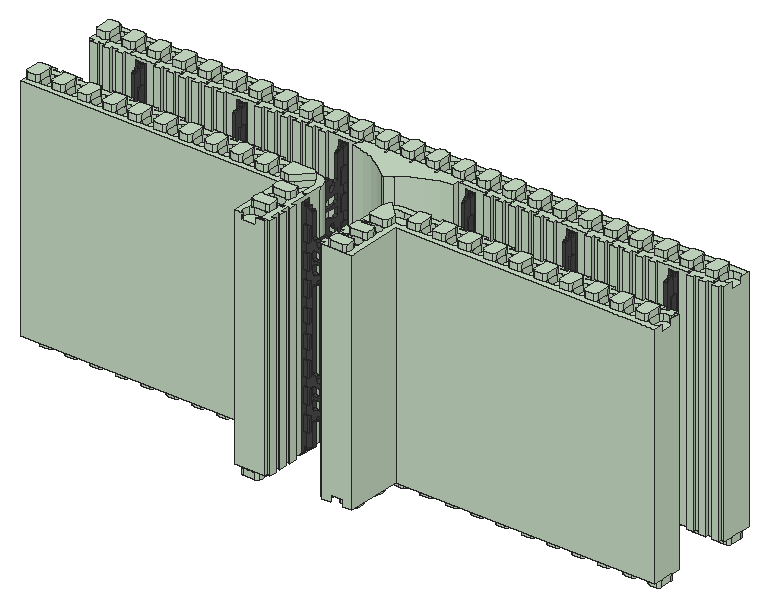
Revit family "ICF- NUDURA 4-inch- Short T Form Unit- Imperial", category Generic Models, Revit 2011 (continued)
Nested families (in)
  nested 102: "Interlock Tooth" at (-13, -2.00002, -18.5) x (-1, 0, 0) z (0, 0, 1), type "Interlock Tooth"
  nested 103: "Interlock Tooth" at (-11, -2.00002, -18.5) x (-1, 0, 0) z (0, 0, 1), type "Interlock Tooth"
  nested 104: "NUDURA Diamond Pattern" at (-25, 9.25254, 0), type "NUDURA Diamond Pattern"
  nested 105: "NUDURA Diamond Pattern" at (-17, 9.25254, 0), type "NUDURA Diamond Pattern"
  nested 106: "NUDURA Diamond Pattern" at (17, -1.99746, 0) x (-1, 0, 0) z (0, 0, 1), type "NUDURA Diamond Pattern"
  nested 107: "NUDURA Diamond Pattern" at (25, -1.99746, 0) x (-1, 0, 0) z (0, 0, 1), type "NUDURA Diamond Pattern"
  nested 108: "NUDURA Logo Diamond" at (9.00256, -5.62244, 0), type "NUDURA Logo Diamond"
  nested 109: "NUDURA Logo Diamond" at (-32.99744, -5.62244, 0), type "NUDURA Logo Diamond"
  nested 110: "NUDURA Diamond Pattern" at (-17, 0.00256, 0), type "NUDURA Diamond Pattern"
  nested 111: "NUDURA Diamond Pattern" at (9, 0.00256, 0), type "NUDURA Diamond Pattern"
  nested 112: "NUDURA Diamond Pattern Missing Left Line" at (1, 0.00256, 0), type "NUDURA Diamond Pattern missing left line"
  nested 113: "4-inch Insert Web" at (-21, -1, 0), type "4-inch Insert Web"
  nested 114: "4-inch Insert Web" at (-13, -1, 0), type "4-inch Insert Web"
  nested 115: "4-inch Insert Web" at (-5, -1, 0), type "4-inch Insert Web"
  nested 116: "4-inch Insert Web" at (5, -1, 0), type "4-inch Insert Web"
  nested 117: "4-inch Insert Web" at (13, -1, 0), type "4-inch Insert Web"
  nested 118: "4-inch Insert Web" at (21, -1, 0), type "4-inch Insert Web"
  nested 119: "4-inch Insert Web" at (0, -5.99998, 0) x (0, 1, 0) z (0, 0, 1), type "4-inch Insert Web"
Definition of nested family "Interlock Tooth"
  Reference planes (in)
    plane 1 "Center (Front/Back)": y = 0
    plane 2: z = 0
    plane 3 "Center (Left/Right)": x = 0
    plane 4: z = 18
    plane 5: z = 18.5
    plane 6: z = -0.5
  Forms (in)
    Extrusion 1, solid, material "NUDURA Expanded Polystyrene Foam Insulation"
      sketch origin (0, -8.875, 0) x (1, 0, 0) y (0, 1, 0)
        loop
          arc (0, 3.97692) -> (0.04785, 3.82983) -> (0.17308, 3.73905) r 0.25
          arc (0.17308, 3.73905) -> (0.5, 3.6875) -> (0.82692, 3.73905) r 1.0625
          arc (0.82692, 3.73905) -> (0.95215, 3.82983) -> (1, 3.97692) r 0.25
          line (1, 3.97692) -> (1, 4.89808)
          arc (1, 4.89808) -> (0.95215, 5.04517) -> (0.82692, 5.13595) r 0.25
          arc (0.82692, 5.13595) -> (0.5, 5.1875) -> (0.17308, 5.13595) r 1.0625
          arc (0.17308, 5.13595) -> (0.04785, 5.04517) -> (0, 4.89808) r 0.25
          line (0, 4.89808) -> (0, 3.97692)
      from 18 to 18.5
  Dimensions and locks (in)
    locked: plane 4 to level at 18
    locked: plane 4 to plane 5 at 0.5
    locked: plane 6 to level at 0.5
Definition of nested family "4-inch Insert Web"
  Reference planes (in)
    plane 1 "Center (Front/Back)": y = 0
    plane 2: z = 0
    plane 3 "Center (Left/Right)": x = 0
  Forms (in)
    Extrusion 1, solid, material "High Density Polystyrene"
      sketch origin (0, 0, 0) x (0, 1, 0) y (0, 0, 1)
        loop
          line (2.25, 0) -> (2.25, 17.74583)
          arc (2.25, 17.74583) -> (2.22112, 17.72608) -> (2.21, 17.69292) r 0.055
          line (2.21, 17.69292) -> (2.21, 0.05292)
          arc (2.21, 0.05292) -> (2.22112, 0.01975) -> (2.25, 0) r 0.055
        loop
          arc (-2.25, 0) -> (-2.22112, 0.01975) -> (-2.21, 0.05292) r 0.055
          line (-2.21, 0.05292) -> (-2.21, 17.69292)
          arc (-2.21, 17.69292) -> (-2.22112, 17.72608) -> (-2.25, 17.74583) r 0.055
          line (-2.25, 17.74583) -> (-2.25, 0)
      from 0.36328 to -0.36328
    Extrusion 2, solid, material "High Density Polystyrene"
      sketch origin (0, 0, 0) x (0, 1, 0) y (0, 0, 1)
        loop
          arc (2.18889, 17.40785) -> (2.20374, 17.40241) -> (2.21, 17.38789) r 0.02
          line (2.21, 17.38789) -> (2.21, 17.63668)
          arc (2.21, 17.63668) -> (2.20585, 17.62147) -> (2.19457, 17.61045) r 0.03
          line (2.19457, 17.61045) -> (2.12543, 17.57204)
          arc (2.12543, 17.57204) -> (2.11414, 17.56103) -> (2.11, 17.54582) r 0.03
          line (2.11, 17.54582) -> (2.11, 17.42461)
          arc (2.11, 17.42461) -> (2.11625, 17.41008) -> (2.13111, 17.40464) r 0.02
          line (2.13111, 17.40464) -> (2.18889, 17.40785)
        loop
          line (2, 17.20772) -> (1.925, 17.43772)
          arc (1.925, 17.43772) -> (1.875, 17.46772) -> (1.825, 17.43772) r 0.05667
          line (1.825, 17.43772) -> (1.77609, 17.28772) -> (1.64893, 17.28772)
          arc (1.64893, 17.28772) -> (1.61433, 17.27339) -> (1.6, 17.2388) r 0.04893
          line (1.6, 17.2388) -> (1.6, 17.20772) -> (1.5, 17.20772) -> (1.5, 15.41964)
          arc (1.5, 15.41964) -> (1.44097, 15.27714) -> (1.29847, 15.21812) r 0.20153
          arc (1.29847, 15.21812) -> (1.20889, 15.19959) -> (1.18179, 15.11222) r 0.09
          arc (1.18179, 15.11222) -> (0.74446, 14.77125) -> (0.77171, 15.32512) r 0.305
          arc (0.77171, 15.32512) -> (0.89426, 15.6111) -> (0.60829, 15.73365) r 0.22
          arc (0.60829, 15.73365) -> (0.36995, 15.58023) -> (0.20617, 15.3489) r 0.745
          arc (0.20617, 15.3489) -> (0.12274, 15.25133) -> (0, 15.21369) r 0.23
          arc (0, 15.21369) -> (-0.12274, 15.25133) -> (-0.20617, 15.3489) r 0.23
          arc (-0.20617, 15.3489) -> (-0.36995, 15.58023) -> (-0.60829, 15.73365) r 0.745
          arc (-0.60829, 15.73365) -> (-0.89426, 15.6111) -> (-0.77171, 15.32512) r 0.22
          arc (-0.77171, 15.32512) -> (-0.74446, 14.77125) -> (-1.18179, 15.11222) r 0.305
          arc (-1.18179, 15.11222) -> (-1.20889, 15.19959) -> (-1.29847, 15.21812) r 0.09
          arc (-1.29847, 15.21812) -> (-1.44097, 15.27714) -> (-1.5, 15.41964) r 0.20153
          line (-1.5, 15.41964) -> (-1.5, 17.20772) -> (-1.6, 17.20772) -> (-1.6, 17.2388)
          arc (-1.6, 17.2388) -> (-1.61433, 17.27339) -> (-1.64893, 17.28772) r 0.04893
          line (-1.64893, 17.28772) -> (-1.77609, 17.28772) -> (-1.825, 17.43772)
          arc (-1.825, 17.43772) -> (-1.875, 17.46772) -> (-1.925, 17.43772) r 0.05667
          line (-1.925, 17.43772) -> (-2, 17.20772) -> (-2, 0.53811) -> (-1.925, 0.30811)
          arc (-1.925, 0.30811) -> (-1.875, 0.27811) -> (-1.825, 0.30811) r 0.05667
          line (-1.825, 0.30811) -> (-1.77609, 0.45811) -> (-1.64893, 0.45811)
          arc (-1.64893, 0.45811) -> (-1.61433, 0.47244) -> (-1.6, 0.50703) r 0.04893
          line (-1.6, 0.50703) -> (-1.6, 0.53811) -> (-1.5, 0.53811) -> (-1.5, 2.32619)
          arc (-1.5, 2.32619) -> (-1.44097, 2.46869) -> (-1.29847, 2.52772) r 0.20153
          arc (-1.29847, 2.52772) -> (-1.20889, 2.54624) -> (-1.18179, 2.63362) r 0.09
          arc (-1.18179, 2.63362) -> (-0.74446, 2.97458) -> (-0.77171, 2.42071) r 0.305
          arc (-0.77171, 2.42071) -> (-0.89426, 2.13473) -> (-0.60829, 2.01218) r 0.22
          arc (-0.60829, 2.01218) -> (-0.36995, 2.1656) -> (-0.20617, 2.39693) r 0.745
          arc (-0.20617, 2.39693) -> (-0.12274, 2.4945) -> (0, 2.53215) r 0.23
          arc (0, 2.53215) -> (0.12274, 2.4945) -> (0.20617, 2.39693) r 0.23
          arc (0.20617, 2.39693) -> (0.36995, 2.1656) -> (0.60829, 2.01218) r 0.745
          arc (0.60829, 2.01218) -> (0.89426, 2.13473) -> (0.77171, 2.42071) r 0.22
          arc (0.77171, 2.42071) -> (0.74446, 2.97458) -> (1.18179, 2.63362) r 0.305
          arc (1.18179, 2.63362) -> (1.20889, 2.54624) -> (1.29847, 2.52772) r 0.09
          arc (1.29847, 2.52772) -> (1.44097, 2.46869) -> (1.5, 2.32619) r 0.20153
          line (1.5, 2.32619) -> (1.5, 0.53811) -> (1.6, 0.53811) -> (1.6, 0.50703)
          arc (1.6, 0.50703) -> (1.61433, 0.47244) -> (1.64893, 0.45811) r 0.04893
          line (1.64893, 0.45811) -> (1.77609, 0.45811) -> (1.825, 0.30811)
          arc (1.825, 0.30811) -> (1.875, 0.27811) -> (1.925, 0.30811) r 0.05667
          line (1.925, 0.30811) -> (2, 0.53811) -> (2, 17.20772)
        loop
          line (1.5, 5.8331) -> (1.5, 11.91273)
          arc (1.5, 11.91273) -> (1.44097, 12.05523) -> (1.29847, 12.11426) r 0.20153
          arc (1.29847, 12.11426) -> (1.20889, 12.13278) -> (1.18179, 12.22016) r 0.09
          arc (1.18179, 12.22016) -> (0.74446, 12.56112) -> (0.77171, 12.00725) r 0.305
          arc (0.77171, 12.00725) -> (0.89426, 11.72127) -> (0.60829, 11.59873) r 0.22
          arc (0.60829, 11.59873) -> (0.36995, 11.75214) -> (0.20617, 11.98348) r 0.745
          arc (0.20617, 11.98348) -> (0.12274, 12.08104) -> (0, 12.11869) r 0.23
          arc (0, 12.11869) -> (-0.12274, 12.08104) -> (-0.20617, 11.98348) r 0.23
          arc (-0.20617, 11.98348) -> (-0.36995, 11.75214) -> (-0.60829, 11.59873) r 0.745
          arc (-0.60829, 11.59873) -> (-0.89426, 11.72127) -> (-0.77171, 12.00725) r 0.22
          arc (-0.77171, 12.00725) -> (-0.74446, 12.56112) -> (-1.18179, 12.22016) r 0.305
          arc (-1.18179, 12.22016) -> (-1.20889, 12.13278) -> (-1.29847, 12.11426) r 0.09
          arc (-1.29847, 12.11426) -> (-1.44097, 12.05523) -> (-1.5, 11.91273) r 0.20153
          line (-1.5, 11.91273) -> (-1.5, 5.8331)
          arc (-1.5, 5.8331) -> (-1.44097, 5.6906) -> (-1.29847, 5.63158) r 0.20153
          arc (-1.29847, 5.63158) -> (-1.20889, 5.61305) -> (-1.18179, 5.52567) r 0.09
          arc (-1.18179, 5.52567) -> (-0.74446, 5.18471) -> (-0.77171, 5.73858) r 0.305
          arc (-0.77171, 5.73858) -> (-0.89426, 6.02456) -> (-0.60829, 6.14711) r 0.22
          arc (-0.60829, 6.14711) -> (-0.36995, 5.99369) -> (-0.20617, 5.76236) r 0.745
          arc (-0.20617, 5.76236) -> (-0.12274, 5.66479) -> (0, 5.62715) r 0.23
          arc (0, 5.62715) -> (0.12274, 5.66479) -> (0.20617, 5.76236) r 0.23
          arc (0.20617, 5.76236) -> (0.36995, 5.99369) -> (0.60829, 6.14711) r 0.745
          arc (0.60829, 6.14711) -> (0.89426, 6.02456) -> (0.77171, 5.73858) r 0.22
          arc (0.77171, 5.73858) -> (0.74446, 5.18471) -> (1.18179, 5.52567) r 0.305
          arc (1.18179, 5.52567) -> (1.20889, 5.61305) -> (1.29847, 5.63158) r 0.09
          arc (1.29847, 5.63158) -> (1.44097, 5.6906) -> (1.5, 5.8331) r 0.20153
        loop
          line (1.5, 13.92792) -> (1.5, 14.39506)
          arc (1.5, 14.39506) -> (1.44165, 14.51428) -> (1.31171, 14.54135) r 0.15098
          arc (1.31171, 14.54135) -> (0.8435, 14.42302) -> (0.37542, 14.30691) r 109.15003
          arc (0.37542, 14.30691) -> (0.21407, 14.19098) -> (0.15234, 14.00212) r 0.31975
          arc (0.15234, 14.00212) -> (0.22557, 13.82535) -> (0.40234, 13.75212) r 0.25
          line (0.40234, 13.75212) -> (1.32421, 13.75212)
          arc (1.32421, 13.75212) -> (1.44851, 13.80361) -> (1.5, 13.92792) r 0.17579
        loop
          arc (1.5, 13.40446) -> (1.44851, 13.52876) -> (1.32421, 13.58025) r 0.17579
          line (1.32421, 13.58025) -> (0.40234, 13.58025)
          arc (0.40234, 13.58025) -> (0.22557, 13.50703) -> (0.15234, 13.33025) r 0.25
          arc (0.15234, 13.33025) -> (0.21407, 13.1414) -> (0.37542, 13.02546) r 0.31975
          arc (0.37542, 13.02546) -> (0.8435, 12.90936) -> (1.31171, 12.79102) r 109.15003
          arc (1.31171, 12.79102) -> (1.44165, 12.81809) -> (1.5, 12.93731) r 0.15098
          line (1.5, 12.93731) -> (1.5, 13.40446)
        loop
          line (2.18889, 0.33798) -> (2.13111, 0.34119)
          arc (2.13111, 0.34119) -> (2.11625, 0.33575) -> (2.11, 0.32122) r 0.02
          line (2.11, 0.32122) -> (2.11, 0.20001)
          arc (2.11, 0.20001) -> (2.11414, 0.1848) -> (2.12543, 0.17379) r 0.03
          line (2.12543, 0.17379) -> (2.19457, 0.13538)
          arc (2.19457, 0.13538) -> (2.20585, 0.12437) -> (2.21, 0.10915) r 0.03
          line (2.21, 0.10915) -> (2.21, 0.35795)
          arc (2.21, 0.35795) -> (2.20374, 0.34342) -> (2.18889, 0.33798) r 0.02
        loop
          arc (1.5, 3.81792) -> (1.44851, 3.94222) -> (1.32421, 3.99371) r 0.17579
          line (1.32421, 3.99371) -> (0.40234, 3.99371)
          arc (0.40234, 3.99371) -> (0.22557, 3.92048) -> (0.15234, 3.74371) r 0.25
          arc (0.15234, 3.74371) -> (0.21407, 3.55486) -> (0.37542, 3.43892) r 0.31975
          arc (0.37542, 3.43892) -> (0.8435, 3.32282) -> (1.31171, 3.20448) r 109.15003
          arc (1.31171, 3.20448) -> (1.44165, 3.23155) -> (1.5, 3.35077) r 0.15098
          line (1.5, 3.35077) -> (1.5, 3.81792)
        loop
          line (1.5, 4.34137) -> (1.5, 4.80852)
          arc (1.5, 4.80852) -> (1.44165, 4.92774) -> (1.31171, 4.95481) r 0.15098
          arc (1.31171, 4.95481) -> (0.8435, 4.83647) -> (0.37542, 4.72037) r 109.15003
          arc (0.37542, 4.72037) -> (0.21407, 4.60444) -> (0.15234, 4.41558) r 0.31975
          arc (0.15234, 4.41558) -> (0.22557, 4.23881) -> (0.40234, 4.16558) r 0.25
          line (0.40234, 4.16558) -> (1.32421, 4.16558)
          arc (1.32421, 4.16558) -> (1.44851, 4.21707) -> (1.5, 4.34137) r 0.17579
        loop
          line (-2.18889, 17.40785) -> (-2.13111, 17.40464)
          arc (-2.13111, 17.40464) -> (-2.11625, 17.41008) -> (-2.11, 17.42461) r 0.02
          line (-2.11, 17.42461) -> (-2.11, 17.54582)
          arc (-2.11, 17.54582) -> (-2.11414, 17.56103) -> (-2.12543, 17.57204) r 0.03
          line (-2.12543, 17.57204) -> (-2.19457, 17.61045)
          arc (-2.19457, 17.61045) -> (-2.20585, 17.62147) -> (-2.21, 17.63668) r 0.03
          line (-2.21, 17.63668) -> (-2.21, 17.38789)
          arc (-2.21, 17.38789) -> (-2.20374, 17.40241) -> (-2.18889, 17.40785) r 0.02
        loop
          arc (-1.5, 13.92792) -> (-1.44851, 13.80361) -> (-1.32421, 13.75212) r 0.17579
          line (-1.32421, 13.75212) -> (-0.40234, 13.75212)
          arc (-0.40234, 13.75212) -> (-0.22557, 13.82535) -> (-0.15234, 14.00212) r 0.25
          arc (-0.15234, 14.00212) -> (-0.21407, 14.19098) -> (-0.37542, 14.30691) r 0.31975
          arc (-0.37542, 14.30691) -> (-0.8435, 14.42302) -> (-1.31171, 14.54135) r 109.15003
          arc (-1.31171, 14.54135) -> (-1.44165, 14.51428) -> (-1.5, 14.39506) r 0.15098
          line (-1.5, 14.39506) -> (-1.5, 13.92792)
        loop
          line (-1.5, 13.40446) -> (-1.5, 12.93731)
          arc (-1.5, 12.93731) -> (-1.44165, 12.81809) -> (-1.31171, 12.79102) r 0.15098
          arc (-1.31171, 12.79102) -> (-0.8435, 12.90936) -> (-0.37542, 13.02546) r 109.15003
          arc (-0.37542, 13.02546) -> (-0.21407, 13.1414) -> (-0.15234, 13.33025) r 0.31975
          arc (-0.15234, 13.33025) -> (-0.22557, 13.50703) -> (-0.40234, 13.58025) r 0.25
          line (-0.40234, 13.58025) -> (-1.32421, 13.58025)
          arc (-1.32421, 13.58025) -> (-1.44851, 13.52876) -> (-1.5, 13.40446) r 0.17579
        loop
          arc (-2.18889, 0.33798) -> (-2.20374, 0.34342) -> (-2.21, 0.35795) r 0.02
          line (-2.21, 0.35795) -> (-2.21, 0.10915)
          arc (-2.21, 0.10915) -> (-2.20585, 0.12437) -> (-2.19457, 0.13538) r 0.03
          line (-2.19457, 0.13538) -> (-2.12543, 0.17379)
          arc (-2.12543, 0.17379) -> (-2.11414, 0.1848) -> (-2.11, 0.20001) r 0.03
          line (-2.11, 0.20001) -> (-2.11, 0.32122)
          arc (-2.11, 0.32122) -> (-2.11625, 0.33575) -> (-2.13111, 0.34119) r 0.02
          line (-2.13111, 0.34119) -> (-2.18889, 0.33798)
        loop
          line (-1.5, 3.81792) -> (-1.5, 3.35077)
          arc (-1.5, 3.35077) -> (-1.44165, 3.23155) -> (-1.31171, 3.20448) r 0.15098
          arc (-1.31171, 3.20448) -> (-0.8435, 3.32282) -> (-0.37542, 3.43892) r 109.15003
          arc (-0.37542, 3.43892) -> (-0.21407, 3.55486) -> (-0.15234, 3.74371) r 0.31975
          arc (-0.15234, 3.74371) -> (-0.22557, 3.92048) -> (-0.40234, 3.99371) r 0.25
          line (-0.40234, 3.99371) -> (-1.32421, 3.99371)
          arc (-1.32421, 3.99371) -> (-1.44851, 3.94222) -> (-1.5, 3.81792) r 0.17579
        loop
          arc (-1.5, 4.34137) -> (-1.44851, 4.21707) -> (-1.32421, 4.16558) r 0.17579
          line (-1.32421, 4.16558) -> (-0.40234, 4.16558)
          arc (-0.40234, 4.16558) -> (-0.22557, 4.23881) -> (-0.15234, 4.41558) r 0.25
          arc (-0.15234, 4.41558) -> (-0.21407, 4.60444) -> (-0.37542, 4.72037) r 0.31975
          arc (-0.37542, 4.72037) -> (-0.8435, 4.83647) -> (-1.31171, 4.95481) r 109.15003
          arc (-1.31171, 4.95481) -> (-1.44165, 4.92774) -> (-1.5, 4.80852) r 0.15098
          line (-1.5, 4.80852) -> (-1.5, 4.34137)
      from 0.125 to -0.125
    Extrusion 3, solid, material "High Density Polystyrene"
      sketch origin (0, 0, 0) x (0, 1, 0) y (0, 0, 1)
        loop
          line (2.21, 16.17792) -> (1.71, 16.17792) -> (1.71, 14.97792) -> (2.21, 14.97792) -> (2.21, 16.17792)
        loop
          line (2.21, 14.22792) -> (1.71, 14.22792) -> (1.71, 13.02792) -> (2.21, 13.02792) -> (2.21, 14.22792)
        loop
          line (2.21, 12.27792) -> (1.71, 12.27792) -> (1.71, 11.07792) -> (2.21, 11.07792) -> (2.21, 12.27792)
        loop
          line (2.21, 10.32792) -> (1.71, 10.32792) -> (1.71, 9.24792) -> (2.21, 9.24792) -> (2.21, 10.32792)
        loop
          line (2.21, 8.49792) -> (1.71, 8.49792) -> (1.71, 7.41792) -> (2.21, 7.41792) -> (2.21, 8.49792)
        loop
          line (2.21, 6.66792) -> (1.71, 6.66792) -> (1.71, 5.46792) -> (2.21, 5.46792) -> (2.21, 6.66792)
        loop
          line (2.21, 4.71792) -> (1.71, 4.71792) -> (1.71, 3.51792) -> (2.21, 3.51792) -> (2.21, 4.71792)
        loop
          line (2.21, 2.76792) -> (1.71, 2.76792) -> (1.71, 1.56792) -> (2.21, 1.56792) -> (2.21, 2.76792)
        loop
          line (-2.21, 16.17792) -> (-2.21, 14.97792) -> (-1.71, 14.97792) -> (-1.71, 16.17792) -> (-2.21, 16.17792)
        loop
          line (-2.21, 14.22792) -> (-2.21, 13.02792) -> (-1.71, 13.02792) -> (-1.71, 14.22792) -> (-2.21, 14.22792)
        loop
          line (-2.21, 12.27792) -> (-2.21, 11.07792) -> (-1.71, 11.07792) -> (-1.71, 12.27792) -> (-2.21, 12.27792)
        loop
          line (-2.21, 10.32792) -> (-2.21, 9.24792) -> (-1.71, 9.24792) -> (-1.71, 10.32792) -> (-2.21, 10.32792)
        loop
          line (-2.21, 8.49792) -> (-2.21, 7.41792) -> (-1.71, 7.41792) -> (-1.71, 8.49792) -> (-2.21, 8.49792)
        loop
          line (-2.21, 6.66792) -> (-2.21, 5.46792) -> (-1.71, 5.46792) -> (-1.71, 6.66792) -> (-2.21, 6.66792)
        loop
          line (-2.21, 4.71792) -> (-2.21, 3.51792) -> (-1.71, 3.51792) -> (-1.71, 4.71792) -> (-2.21, 4.71792)
        loop
          line (-2.21, 2.76792) -> (-2.21, 1.56792) -> (-1.71, 1.56792) -> (-1.71, 2.76792) -> (-2.21, 2.76792)
      from 0.25 to -0.25
    Extrusion 4, void
      sketch origin (0, -1, 0) x (1, 0, 0) y (0, 1, 0)
        loop
          line (-0.25, 2.79249) -> (-0.25, 2.71) -> (-0.1675, 2.71)
          arc (-0.1675, 2.71) -> (-0.22584, 2.73416) -> (-0.25, 2.79249) r 0.0825
      from 0 to 18
    Extrusion 5, void
      sketch origin (0, -1, 0) x (-1, 0, 0) y (0, -1, 0)
        loop
          arc (-0.25, -2.79249) -> (-0.22584, -2.73416) -> (-0.1675, -2.71) r 0.0825
          line (-0.1675, -2.71) -> (-0.25, -2.71) -> (-0.25, -2.79249)
      from 0 to 18
    Extrusion 6, void
      sketch origin (0, 1, 0) x (1, 0, 0) y (0, 1, 0)
        loop
          arc (-0.25, -2.79249) -> (-0.22584, -2.73416) -> (-0.1675, -2.71) r 0.0825
          line (-0.1675, -2.71) -> (-0.25, -2.71) -> (-0.25, -2.79249)
      from 0 to 18
    Extrusion 7, void
      sketch origin (0, 1, 0) x (-1, 0, 0) y (0, -1, 0)
        loop
          line (-0.25, 2.79249) -> (-0.25, 2.71) -> (-0.1675, 2.71)
          arc (-0.1675, 2.71) -> (-0.22584, 2.73416) -> (-0.25, 2.79249) r 0.0825
      from 0 to 18
  Cuts and joins
    Extrusion 4, Extrusion 5, Extrusion 6, Extrusion 7 cuts Extrusion 1
    Extrusion 4, Extrusion 5, Extrusion 6, Extrusion 7 cuts Extrusion 3
Definition of nested family "NUDURA Diamond Pattern Missing Two Lines"
  Reference planes (in)
    plane 1 "Center (Front/Back)": y = 0
    plane 2: z = 0
    plane 3 "Center (Left/Right)": x = 0
    plane 4: z = 18
  Lines and regions (in)
    model lines
      curve 1: line (2, -5.625, 18) -> (2, -5.625, 0)
      curve 2: line (3.35367, -5.625, 16.98484) -> (3.69709, -5.625, 16.64142)
      curve 3: arc (3.35367, -5.625, 17.51517) -> (3.24384, -5.625, 17.25) -> (3.35367, -5.625, 16.98484) r 0.375
      curve 4: line (3.72867, -5.625, 17.89017) -> (3.35367, -5.625, 17.51517)
      curve 5: arc (4.259, -5.625, 17.89017) -> (3.99384, -5.625, 18) -> (3.72867, -5.625, 17.89017) r 0.375
      curve 6: line (4.634, -5.625, 17.51517) -> (4.259, -5.625, 17.89017)
      curve 7: arc (4.634, -5.625, 16.98484) -> (4.74384, -5.625, 17.25) -> (4.634, -5.625, 17.51517) r 0.375
      curve 8: line (4.29059, -5.625, 16.64142) -> (4.634, -5.625, 16.98484)
      curve 9: arc (4.17062, -5.625, 17.80178) -> (3.99384, -5.625, 17.875) -> (3.81706, -5.625, 17.80178) r 0.25
      curve 10: line (4.54562, -5.625, 17.42678) -> (4.17062, -5.625, 17.80178)
      curve 11: arc (4.54562, -5.625, 17.07322) -> (4.61884, -5.625, 17.25) -> (4.54562, -5.625, 17.42678) r 0.25
      curve 12: line (4.17062, -5.625, 16.69822) -> (4.54562, -5.625, 17.07322)
      curve 13: arc (3.81706, -5.625, 16.69822) -> (3.99384, -5.625, 16.625) -> (4.17062, -5.625, 16.69822) r 0.25
      curve 14: line (3.44206, -5.625, 17.07322) -> (3.81706, -5.625, 16.69822)
      curve 15: arc (3.44206, -5.625, 17.42678) -> (3.36884, -5.625, 17.25) -> (3.44206, -5.625, 17.07322) r 0.25
      curve 16: line (3.81706, -5.625, 17.80178) -> (3.44206, -5.625, 17.42678)
      curve 17: arc (3.69709, -5.625, 16.35858) -> (3.75567, -5.625, 16.5) -> (3.69709, -5.625, 16.64142) r 0.2
      curve 18: line (4.634, -5.625, 16.01517) -> (4.29059, -5.625, 16.35858)
      curve 19: arc (4.634, -5.625, 15.48484) -> (4.74384, -5.625, 15.75) -> (4.634, -5.625, 16.01517) r 0.375
      curve 20: line (4.29059, -5.625, 15.14142) -> (4.634, -5.625, 15.48484)
      curve 21: line (3.35367, -5.625, 15.48484) -> (3.69709, -5.625, 15.14142)
      curve 22: arc (3.35367, -5.625, 16.01517) -> (3.24384, -5.625, 15.75) -> (3.35367, -5.625, 15.48484) r 0.375
      curve 23: line (3.69709, -5.625, 16.35858) -> (3.35367, -5.625, 16.01517)
      curve 24: arc (4.17062, -5.625, 16.30178) -> (3.99384, -5.625, 16.375) -> (3.81706, -5.625, 16.30178) r 0.25
      curve 25: line (3.81706, -5.625, 16.30178) -> (3.44206, -5.625, 15.92678)
      curve 26: arc (3.44206, -5.625, 15.92678) -> (3.36884, -5.625, 15.75) -> (3.44206, -5.625, 15.57322) r 0.25
      curve 27: line (3.44206, -5.625, 15.57322) -> (3.81706, -5.625, 15.19822)
      curve 28: arc (3.81706, -5.625, 15.19822) -> (3.99384, -5.625, 15.125) -> (4.17062, -5.625, 15.19822) r 0.25
      curve 29: line (4.17062, -5.625, 15.19822) -> (4.54562, -5.625, 15.57322)
      curve 30: arc (4.54562, -5.625, 15.57322) -> (4.61884, -5.625, 15.75) -> (4.54562, -5.625, 15.92678) r 0.25
      curve 31: line (4.54562, -5.625, 15.92678) -> (4.17062, -5.625, 16.30178)
      curve 32: arc (3.69709, -5.625, 14.85858) -> (3.75567, -5.625, 15) -> (3.69709, -5.625, 15.14142) r 0.2
      curve 33: line (4.634, -5.625, 14.51517) -> (4.29059, -5.625, 14.85858)
      curve 34: arc (4.634, -5.625, 13.98484) -> (4.74384, -5.625, 14.25) -> (4.634, -5.625, 14.51517) r 0.375
      curve 35: line (4.29059, -5.625, 13.64142) -> (4.634, -5.625, 13.98484)
      curve 36: line (3.35367, -5.625, 13.98484) -> (3.69709, -5.625, 13.64142)
      curve 37: arc (3.35367, -5.625, 14.51517) -> (3.24384, -5.625, 14.25) -> (3.35367, -5.625, 13.98484) r 0.375
      curve 38: line (3.69709, -5.625, 14.85858) -> (3.35367, -5.625, 14.51517)
      curve 39: arc (4.17062, -5.625, 14.80178) -> (3.99384, -5.625, 14.875) -> (3.81706, -5.625, 14.80178) r 0.25
      curve 40: line (3.81706, -5.625, 14.80178) -> (3.44206, -5.625, 14.42678)
      curve 41: arc (3.44206, -5.625, 14.42678) -> (3.36884, -5.625, 14.25) -> (3.44206, -5.625, 14.07322) r 0.25
      curve 42: line (3.44206, -5.625, 14.07322) -> (3.81706, -5.625, 13.69822)
      curve 43: arc (3.81706, -5.625, 13.69822) -> (3.99384, -5.625, 13.625) -> (4.17062, -5.625, 13.69822) r 0.25
      curve 44: line (4.17062, -5.625, 13.69822) -> (4.54562, -5.625, 14.07322)
      curve 45: arc (4.54562, -5.625, 14.07322) -> (4.61884, -5.625, 14.25) -> (4.54562, -5.625, 14.42678) r 0.25
      curve 46: line (4.54562, -5.625, 14.42678) -> (4.17062, -5.625, 14.80178)
      curve 47: arc (3.69709, -5.625, 13.35858) -> (3.75567, -5.625, 13.5) -> (3.69709, -5.625, 13.64142) r 0.2
      curve 48: line (4.634, -5.625, 13.01517) -> (4.29059, -5.625, 13.35858)
      curve 49: arc (4.634, -5.625, 12.48484) -> (4.74384, -5.625, 12.75) -> (4.634, -5.625, 13.01517) r 0.375
      curve 50: line (4.29059, -5.625, 12.14142) -> (4.634, -5.625, 12.48484)
      curve 51: line (3.35367, -5.625, 12.48484) -> (3.69709, -5.625, 12.14142)
      curve 52: arc (3.35367, -5.625, 13.01517) -> (3.24384, -5.625, 12.75) -> (3.35367, -5.625, 12.48484) r 0.375
      curve 53: line (3.69709, -5.625, 13.35858) -> (3.35367, -5.625, 13.01517)
      curve 54: arc (4.17062, -5.625, 13.30178) -> (3.99384, -5.625, 13.375) -> (3.81706, -5.625, 13.30178) r 0.25
      curve 55: line (3.81706, -5.625, 13.30178) -> (3.44206, -5.625, 12.92678)
      curve 56: arc (3.44206, -5.625, 12.92678) -> (3.36884, -5.625, 12.75) -> (3.44206, -5.625, 12.57322) r 0.25
      curve 57: line (3.44206, -5.625, 12.57322) -> (3.81706, -5.625, 12.19822)
      curve 58: arc (3.81706, -5.625, 12.19822) -> (3.99384, -5.625, 12.125) -> (4.17062, -5.625, 12.19822) r 0.25
      curve 59: line (4.17062, -5.625, 12.19822) -> (4.54562, -5.625, 12.57322)
      curve 60: arc (4.54562, -5.625, 12.57322) -> (4.61884, -5.625, 12.75) -> (4.54562, -5.625, 12.92678) r 0.25
      curve 61: line (4.54562, -5.625, 12.92678) -> (4.17062, -5.625, 13.30178)
      curve 62: arc (3.69709, -5.625, 11.85858) -> (3.75567, -5.625, 12) -> (3.69709, -5.625, 12.14142) r 0.2
      curve 63: line (4.634, -5.625, 11.51517) -> (4.29059, -5.625, 11.85858)
      curve 64: arc (4.634, -5.625, 10.98484) -> (4.74384, -5.625, 11.25) -> (4.634, -5.625, 11.51517) r 0.375
      curve 65: line (4.29059, -5.625, 10.64142) -> (4.634, -5.625, 10.98484)
      curve 66: line (3.35367, -5.625, 10.98484) -> (3.69709, -5.625, 10.64142)
      curve 67: arc (3.35367, -5.625, 11.51517) -> (3.24384, -5.625, 11.25) -> (3.35367, -5.625, 10.98484) r 0.375
      curve 68: line (3.69709, -5.625, 11.85858) -> (3.35367, -5.625, 11.51517)
      curve 69: arc (4.17062, -5.625, 11.80178) -> (3.99384, -5.625, 11.875) -> (3.81706, -5.625, 11.80178) r 0.25
      curve 70: line (3.81706, -5.625, 11.80178) -> (3.44206, -5.625, 11.42678)
      curve 71: arc (3.44206, -5.625, 11.42678) -> (3.36884, -5.625, 11.25) -> (3.44206, -5.625, 11.07322) r 0.25
      curve 72: line (3.44206, -5.625, 11.07322) -> (3.81706, -5.625, 10.69822)
      curve 73: arc (3.81706, -5.625, 10.69822) -> (3.99384, -5.625, 10.625) -> (4.17062, -5.625, 10.69822) r 0.25
      curve 74: line (4.17062, -5.625, 10.69822) -> (4.54562, -5.625, 11.07322)
      curve 75: arc (4.54562, -5.625, 11.07322) -> (4.61884, -5.625, 11.25) -> (4.54562, -5.625, 11.42678) r 0.25
      curve 76: line (4.54562, -5.625, 11.42678) -> (4.17062, -5.625, 11.80178)
      curve 77: arc (3.69709, -5.625, 10.35858) -> (3.75567, -5.625, 10.5) -> (3.69709, -5.625, 10.64142) r 0.2
      curve 78: line (4.634, -5.625, 10.01517) -> (4.29059, -5.625, 10.35858)
      curve 79: arc (4.634, -5.625, 9.48484) -> (4.74384, -5.625, 9.75) -> (4.634, -5.625, 10.01517) r 0.375
      curve 80: line (4.29059, -5.625, 9.14142) -> (4.634, -5.625, 9.48484)
      curve 81: line (3.35367, -5.625, 9.48484) -> (3.69709, -5.625, 9.14142)
      curve 82: arc (3.35367, -5.625, 10.01517) -> (3.24384, -5.625, 9.75) -> (3.35367, -5.625, 9.48484) r 0.375
      curve 83: line (3.69709, -5.625, 10.35858) -> (3.35367, -5.625, 10.01517)
      curve 84: arc (4.17062, -5.625, 10.30178) -> (3.99384, -5.625, 10.375) -> (3.81706, -5.625, 10.30178) r 0.25
      curve 85: line (3.81706, -5.625, 10.30178) -> (3.44206, -5.625, 9.92678)
      curve 86: arc (3.44206, -5.625, 9.92678) -> (3.36884, -5.625, 9.75) -> (3.44206, -5.625, 9.57322) r 0.25
      curve 87: line (3.44206, -5.625, 9.57322) -> (3.81706, -5.625, 9.19822)
      curve 88: arc (3.81706, -5.625, 9.19822) -> (3.99384, -5.625, 9.125) -> (4.17062, -5.625, 9.19822) r 0.25
      curve 89: line (4.17062, -5.625, 9.19822) -> (4.54562, -5.625, 9.57322)
      curve 90: arc (4.54562, -5.625, 9.57322) -> (4.61884, -5.625, 9.75) -> (4.54562, -5.625, 9.92678) r 0.25
      curve 91: line (4.54562, -5.625, 9.92678) -> (4.17062, -5.625, 10.30178)
      curve 92: arc (3.69709, -5.625, 8.85858) -> (3.75567, -5.625, 9) -> (3.69709, -5.625, 9.14142) r 0.2
      curve 93: line (4.634, -5.625, 8.51517) -> (4.29059, -5.625, 8.85858)
      curve 94: arc (4.634, -5.625, 7.98484) -> (4.74384, -5.625, 8.25) -> (4.634, -5.625, 8.51517) r 0.375
      curve 95: line (4.29059, -5.625, 7.64142) -> (4.634, -5.625, 7.98484)
      curve 96: line (3.35367, -5.625, 7.98484) -> (3.69709, -5.625, 7.64142)
      curve 97: arc (3.35367, -5.625, 8.51517) -> (3.24384, -5.625, 8.25) -> (3.35367, -5.625, 7.98484) r 0.375
      curve 98: line (3.69709, -5.625, 8.85858) -> (3.35367, -5.625, 8.51517)
      curve 99: arc (4.17062, -5.625, 8.80178) -> (3.99384, -5.625, 8.875) -> (3.81706, -5.625, 8.80178) r 0.25
      curve 100: line (3.81706, -5.625, 8.80178) -> (3.44206, -5.625, 8.42678)
      curve 101: arc (3.44206, -5.625, 8.42678) -> (3.36884, -5.625, 8.25) -> (3.44206, -5.625, 8.07322) r 0.25
      curve 102: line (3.44206, -5.625, 8.07322) -> (3.81706, -5.625, 7.69822)
      curve 103: arc (3.81706, -5.625, 7.69822) -> (3.99384, -5.625, 7.625) -> (4.17062, -5.625, 7.69822) r 0.25
      curve 104: line (4.17062, -5.625, 7.69822) -> (4.54562, -5.625, 8.07322)
      curve 105: arc (4.54562, -5.625, 8.07322) -> (4.61884, -5.625, 8.25) -> (4.54562, -5.625, 8.42678) r 0.25
      curve 106: line (4.54562, -5.625, 8.42678) -> (4.17062, -5.625, 8.80178)
      curve 107: arc (3.69709, -5.625, 7.35858) -> (3.75567, -5.625, 7.5) -> (3.69709, -5.625, 7.64142) r 0.2
      curve 108: line (4.634, -5.625, 7.01517) -> (4.29059, -5.625, 7.35858)
      curve 109: arc (4.634, -5.625, 6.48484) -> (4.74384, -5.625, 6.75) -> (4.634, -5.625, 7.01517) r 0.375
      curve 110: line (4.29059, -5.625, 6.14142) -> (4.634, -5.625, 6.48484)
      curve 111: line (3.35367, -5.625, 6.48484) -> (3.69709, -5.625, 6.14142)
      curve 112: arc (3.35367, -5.625, 7.01517) -> (3.24384, -5.625, 6.75) -> (3.35367, -5.625, 6.48484) r 0.375
      curve 113: line (3.69709, -5.625, 7.35858) -> (3.35367, -5.625, 7.01517)
      curve 114: arc (4.17062, -5.625, 7.30178) -> (3.99384, -5.625, 7.375) -> (3.81706, -5.625, 7.30178) r 0.25
      curve 115: line (3.81706, -5.625, 7.30178) -> (3.44206, -5.625, 6.92678)
      curve 116: arc (3.44206, -5.625, 6.92678) -> (3.36884, -5.625, 6.75) -> (3.44206, -5.625, 6.57322) r 0.25
      curve 117: line (3.44206, -5.625, 6.57322) -> (3.81706, -5.625, 6.19822)
      curve 118: arc (3.81706, -5.625, 6.19822) -> (3.99384, -5.625, 6.125) -> (4.17062, -5.625, 6.19822) r 0.25
      curve 119: line (4.17062, -5.625, 6.19822) -> (4.54562, -5.625, 6.57322)
      curve 120: arc (4.54562, -5.625, 6.57322) -> (4.61884, -5.625, 6.75) -> (4.54562, -5.625, 6.92678) r 0.25
      curve 121: line (4.54562, -5.625, 6.92678) -> (4.17062, -5.625, 7.30178)
      curve 122: arc (3.69709, -5.625, 5.85858) -> (3.75567, -5.625, 6) -> (3.69709, -5.625, 6.14142) r 0.2
      curve 123: line (4.634, -5.625, 5.51517) -> (4.29059, -5.625, 5.85858)
      curve 124: arc (4.634, -5.625, 4.98484) -> (4.74384, -5.625, 5.25) -> (4.634, -5.625, 5.51517) r 0.375
      curve 125: line (4.29059, -5.625, 4.64142) -> (4.634, -5.625, 4.98484)
      curve 126: line (3.35367, -5.625, 4.98484) -> (3.69709, -5.625, 4.64142)
      curve 127: arc (3.35367, -5.625, 5.51517) -> (3.24384, -5.625, 5.25) -> (3.35367, -5.625, 4.98484) r 0.375
      curve 128: line (3.69709, -5.625, 5.85858) -> (3.35367, -5.625, 5.51517)
      curve 129: arc (4.17062, -5.625, 5.80178) -> (3.99384, -5.625, 5.875) -> (3.81706, -5.625, 5.80178) r 0.25
      curve 130: line (3.81706, -5.625, 5.80178) -> (3.44206, -5.625, 5.42678)
      curve 131: arc (3.44206, -5.625, 5.42678) -> (3.36884, -5.625, 5.25) -> (3.44206, -5.625, 5.07322) r 0.25
      curve 132: line (3.44206, -5.625, 5.07322) -> (3.81706, -5.625, 4.69822)
      curve 133: arc (3.81706, -5.625, 4.69822) -> (3.99384, -5.625, 4.625) -> (4.17062, -5.625, 4.69822) r 0.25
      curve 134: line (4.17062, -5.625, 4.69822) -> (4.54562, -5.625, 5.07322)
      curve 135: arc (4.54562, -5.625, 5.07322) -> (4.61884, -5.625, 5.25) -> (4.54562, -5.625, 5.42678) r 0.25
      curve 136: line (4.54562, -5.625, 5.42678) -> (4.17062, -5.625, 5.80178)
      curve 137: arc (3.69709, -5.625, 4.35858) -> (3.75567, -5.625, 4.5) -> (3.69709, -5.625, 4.64142) r 0.2
      curve 138: line (4.634, -5.625, 4.01517) -> (4.29059, -5.625, 4.35858)
      curve 139: arc (4.634, -5.625, 3.48484) -> (4.74384, -5.625, 3.75) -> (4.634, -5.625, 4.01517) r 0.375
      curve 140: line (4.29059, -5.625, 3.14142) -> (4.634, -5.625, 3.48484)
      curve 141: line (3.35367, -5.625, 3.48484) -> (3.69709, -5.625, 3.14142)
      curve 142: arc (3.35367, -5.625, 4.01517) -> (3.24384, -5.625, 3.75) -> (3.35367, -5.625, 3.48484) r 0.375
      curve 143: line (3.69709, -5.625, 4.35858) -> (3.35367, -5.625, 4.01517)
      curve 144: arc (4.17062, -5.625, 4.30178) -> (3.99384, -5.625, 4.375) -> (3.81706, -5.625, 4.30178) r 0.25
      curve 145: line (3.81706, -5.625, 4.30178) -> (3.44206, -5.625, 3.92678)
      curve 146: arc (3.44206, -5.625, 3.92678) -> (3.36884, -5.625, 3.75) -> (3.44206, -5.625, 3.57322) r 0.25
      curve 147: line (3.44206, -5.625, 3.57322) -> (3.81706, -5.625, 3.19822)
      curve 148: arc (3.81706, -5.625, 3.19822) -> (3.99384, -5.625, 3.125) -> (4.17062, -5.625, 3.19822) r 0.25
      curve 149: line (4.17062, -5.625, 3.19822) -> (4.54562, -5.625, 3.57322)
      curve 150: arc (4.54562, -5.625, 3.57322) -> (4.61884, -5.625, 3.75) -> (4.54562, -5.625, 3.92678) r 0.25
      curve 151: line (4.54562, -5.625, 3.92678) -> (4.17062, -5.625, 4.30178)
      curve 152: arc (3.69709, -5.625, 2.85858) -> (3.75567, -5.625, 3) -> (3.69709, -5.625, 3.14142) r 0.2
      curve 153: line (4.634, -5.625, 2.51517) -> (4.29059, -5.625, 2.85858)
      curve 154: arc (4.634, -5.625, 1.98484) -> (4.74384, -5.625, 2.25) -> (4.634, -5.625, 2.51517) r 0.375
      curve 155: line (4.29059, -5.625, 1.64142) -> (4.634, -5.625, 1.98484)
      curve 156: line (3.35367, -5.625, 1.98484) -> (3.69709, -5.625, 1.64142)
      curve 157: arc (3.35367, -5.625, 2.51517) -> (3.24384, -5.625, 2.25) -> (3.35367, -5.625, 1.98484) r 0.375
      curve 158: line (3.69709, -5.625, 2.85858) -> (3.35367, -5.625, 2.51517)
      curve 159: arc (4.17062, -5.625, 2.80178) -> (3.99384, -5.625, 2.875) -> (3.81706, -5.625, 2.80178) r 0.25
      curve 160: line (3.81706, -5.625, 2.80178) -> (3.44206, -5.625, 2.42678)
      curve 161: arc (3.44206, -5.625, 2.42678) -> (3.36884, -5.625, 2.25) -> (3.44206, -5.625, 2.07322) r 0.25
      curve 162: line (3.44206, -5.625, 2.07322) -> (3.81706, -5.625, 1.69822)
      curve 163: arc (3.81706, -5.625, 1.69822) -> (3.99384, -5.625, 1.625) -> (4.17062, -5.625, 1.69822) r 0.25
      curve 164: line (4.17062, -5.625, 1.69822) -> (4.54562, -5.625, 2.07322)
      curve 165: arc (4.54562, -5.625, 2.07322) -> (4.61884, -5.625, 2.25) -> (4.54562, -5.625, 2.42678) r 0.25
      curve 166: line (4.54562, -5.625, 2.42678) -> (4.17062, -5.625, 2.80178)
      curve 167: arc (3.69709, -5.625, 1.35858) -> (3.75567, -5.625, 1.5) -> (3.69709, -5.625, 1.64142) r 0.2
      curve 168: line (3.69709, -5.625, 1.35858) -> (3.35367, -5.625, 1.01517)
      curve 169: arc (3.35367, -5.625, 1.01517) -> (3.24384, -5.625, 0.75) -> (3.35367, -5.625, 0.48484) r 0.375
      curve 170: line (3.35367, -5.625, 0.48484) -> (3.72867, -5.625, 0.10984)
      curve 171: arc (3.72867, -5.625, 0.10984) -> (3.99384, -5.625, 0) -> (4.259, -5.625, 0.10984) r 0.375
      curve 172: line (4.259, -5.625, 0.10984) -> (4.634, -5.625, 0.48484)
      curve 173: arc (4.634, -5.625, 0.48484) -> (4.74384, -5.625, 0.75) -> (4.634, -5.625, 1.01517) r 0.375
      curve 174: line (4.634, -5.625, 1.01517) -> (4.29059, -5.625, 1.35858)
      curve 175: arc (4.29059, -5.625, 1.64142) -> (4.23201, -5.625, 1.5) -> (4.29059, -5.625, 1.35858) r 0.2
      curve 176: arc (4.17062, -5.625, 1.30178) -> (3.99384, -5.625, 1.375) -> (3.81706, -5.625, 1.30178) r 0.25
      curve 177: line (4.54562, -5.625, 0.92678) -> (4.17062, -5.625, 1.30178)
      curve 178: arc (4.54562, -5.625, 0.57322) -> (4.61884, -5.625, 0.75) -> (4.54562, -5.625, 0.92678) r 0.25
      curve 179: line (4.17062, -5.625, 0.19822) -> (4.54562, -5.625, 0.57322)
      curve 180: arc (3.81706, -5.625, 0.19822) -> (3.99384, -5.625, 0.125) -> (4.17062, -5.625, 0.19822) r 0.25
      curve 181: line (3.44206, -5.625, 0.57322) -> (3.81706, -5.625, 0.19822)
      curve 182: arc (3.44206, -5.625, 0.92678) -> (3.36884, -5.625, 0.75) -> (3.44206, -5.625, 0.57322) r 0.25
      curve 183: line (3.81706, -5.625, 1.30178) -> (3.44206, -5.625, 0.92678)
      curve 184: arc (4.29059, -5.625, 3.14142) -> (4.23201, -5.625, 3) -> (4.29059, -5.625, 2.85858) r 0.2
      curve 185: arc (4.29059, -5.625, 4.64142) -> (4.23201, -5.625, 4.5) -> (4.29059, -5.625, 4.35858) r 0.2
      curve 186: arc (4.29059, -5.625, 6.14142) -> (4.23201, -5.625, 6) -> (4.29059, -5.625, 5.85858) r 0.2
      curve 187: arc (4.29059, -5.625, 7.64142) -> (4.23201, -5.625, 7.5) -> (4.29059, -5.625, 7.35858) r 0.2
      curve 188: arc (4.29059, -5.625, 9.14142) -> (4.23201, -5.625, 9) -> (4.29059, -5.625, 8.85858) r 0.2
      curve 189: arc (4.29059, -5.625, 10.64142) -> (4.23201, -5.625, 10.5) -> (4.29059, -5.625, 10.35858) r 0.2
      curve 190: arc (4.29059, -5.625, 12.14142) -> (4.23201, -5.625, 12) -> (4.29059, -5.625, 11.85858) r 0.2
      curve 191: arc (4.29059, -5.625, 13.64142) -> (4.23201, -5.625, 13.5) -> (4.29059, -5.625, 13.35858) r 0.2
      curve 192: arc (4.29059, -5.625, 15.14142) -> (4.23201, -5.625, 15) -> (4.29059, -5.625, 14.85858) r 0.2
      curve 193: arc (4.29059, -5.625, 16.64142) -> (4.23201, -5.625, 16.5) -> (4.29059, -5.625, 16.35858) r 0.2
Definition of nested family "NUDURA Logo Diamond"
  Reference planes (in)
    plane 1 "Center (Front/Back)": y = 0
    plane 2: z = 0
    plane 3 "Center (Left/Right)": x = 0
  Lines and regions (in)
    model lines
      curve 1: line (12.59848, 0, 17.50104) -> (12.24492, 0, 17.85459)
      curve 2: line (12.36113, 0, 16.76872) -> (12.59848, 0, 17.00607)
      curve 3: line (12.59848, 0, 16.00104) -> (12.36113, 0, 16.23839)
      curve 4: line (12.36113, 0, 15.26872) -> (12.59848, 0, 15.50607)
      curve 5: line (12.59848, 0, 14.50104) -> (12.36113, 0, 14.73839)
      curve 6: line (12.36113, 0, 13.76872) -> (12.59848, 0, 14.00607)
      curve 7: line (12.17421, 0, 13.28388) -> (12.71208, 0, 12.74602)
      curve 8: line (12.71208, 0, 12.74602) -> (12.78279, 0, 12.81673)
      curve 9: line (11.28279, 0, 12.74602) -> (11.82066, 0, 13.28388)
      curve 10: line (11.63374, 0, 13.23839) -> (11.21208, 0, 12.81673)
      curve 11: line (11.3964, 0, 14.00607) -> (11.63374, 0, 13.76872)
      curve 12: line (11.63374, 0, 14.73839) -> (11.3964, 0, 14.50104)
      curve 13: line (11.3964, 0, 15.50607) -> (11.63374, 0, 15.26872)
      curve 14: line (11.63374, 0, 16.23839) -> (11.3964, 0, 16.00104)
      curve 15: line (11.3964, 0, 17.00607) -> (11.63374, 0, 16.76872)
      curve 16: line (11.74995, 0, 17.85459) -> (11.3964, 0, 17.50104)
      curve 17: line (11.82066, 0, 17.78388) -> (11.46711, 0, 17.43033)
      curve 18: line (12.52777, 0, 17.43033) -> (12.17421, 0, 17.78388)
      curve 19: line (12.17421, 0, 16.72322) -> (12.52777, 0, 17.07678)
      curve 20: line (11.46711, 0, 17.07678) -> (11.82066, 0, 16.72322)
      curve 21: arc (11.3964, 0, 17.50104) -> (11.29388, 0, 17.25355) -> (11.3964, 0, 17.00607) r 0.35
      curve 22: arc (11.74995, 0, 17.85459) -> (11.99744, 0, 17.95711) -> (12.24492, 0, 17.85459) r 0.35
      curve 23: arc (11.46711, 0, 17.43033) -> (11.39388, 0, 17.25355) -> (11.46711, 0, 17.07678) r 0.25
      curve 24: arc (12.52777, 0, 17.43033) -> (12.60099, 0, 17.25355) -> (12.52777, 0, 17.07678) r 0.25
      curve 25: arc (12.17421, 0, 16.72322) -> (11.99744, 0, 16.65) -> (11.82066, 0, 16.72322) r 0.25
      curve 26: arc (11.82066, 0, 17.78388) -> (11.99744, 0, 17.85711) -> (12.17421, 0, 17.78388) r 0.25
      curve 27: arc (12.59848, 0, 17.50104) -> (12.70099, 0, 17.25355) -> (12.59848, 0, 17.00607) r 0.35
      curve 28: arc (11.63374, 0, 16.76872) -> (11.74358, 0, 16.50355) -> (11.63374, 0, 16.23839) r 0.375
      curve 29: arc (12.36113, 0, 16.76872) -> (12.2513, 0, 16.50355) -> (12.36113, 0, 16.23839) r 0.375
      curve 30: line (12.36113, 0, 15.26872) -> (12.59848, 0, 15.50607)
      curve 31: line (11.3964, 0, 15.50607) -> (11.63374, 0, 15.26872)
      curve 32: line (11.82066, 0, 16.28388) -> (11.46711, 0, 15.93033)
      curve 33: line (12.52777, 0, 15.93033) -> (12.17421, 0, 16.28388)
      curve 34: line (12.17421, 0, 15.22322) -> (12.52777, 0, 15.57678)
      curve 35: line (11.46711, 0, 15.57678) -> (11.82066, 0, 15.22322)
      curve 36: arc (11.3964, 0, 16.00104) -> (11.29388, 0, 15.75355) -> (11.3964, 0, 15.50607) r 0.35
      curve 37: arc (11.46711, 0, 15.93033) -> (11.39388, 0, 15.75355) -> (11.46711, 0, 15.57678) r 0.25
      curve 38: arc (12.52777, 0, 15.93033) -> (12.60099, 0, 15.75355) -> (12.52777, 0, 15.57678) r 0.25
      curve 39: arc (12.17421, 0, 15.22322) -> (11.99744, 0, 15.15) -> (11.82066, 0, 15.22322) r 0.25
      curve 40: arc (11.82066, 0, 16.28388) -> (11.99744, 0, 16.35711) -> (12.17421, 0, 16.28388) r 0.25
      curve 41: arc (12.59848, 0, 16.00104) -> (12.70099, 0, 15.75355) -> (12.59848, 0, 15.50607) r 0.35
      curve 42: line (11.63374, 0, 16.23839) -> (11.3964, 0, 16.00104)
      curve 43: line (12.59848, 0, 16.00104) -> (12.36113, 0, 16.23839)
      curve 44: arc (11.63374, 0, 15.26872) -> (11.74358, 0, 15.00355) -> (11.63374, 0, 14.73839) r 0.375
      curve 45: arc (12.36113, 0, 15.26872) -> (12.2513, 0, 15.00355) -> (12.36113, 0, 14.73839) r 0.375
      curve 46: line (12.36113, 0, 13.76872) -> (12.59848, 0, 14.00607)
      curve 47: line (11.3964, 0, 14.00607) -> (11.63374, 0, 13.76872)
      curve 48: line (11.82066, 0, 14.78388) -> (11.46711, 0, 14.43033)
      curve 49: line (12.52777, 0, 14.43033) -> (12.17421, 0, 14.78388)
      curve 50: line (12.17421, 0, 13.72322) -> (12.52777, 0, 14.07678)
      curve 51: line (11.46711, 0, 14.07678) -> (11.82066, 0, 13.72322)
      curve 52: arc (11.3964, 0, 14.50104) -> (11.29388, 0, 14.25355) -> (11.3964, 0, 14.00607) r 0.35
      curve 53: arc (11.46711, 0, 14.43033) -> (11.39388, 0, 14.25355) -> (11.46711, 0, 14.07678) r 0.25
      curve 54: arc (12.52777, 0, 14.43033) -> (12.60099, 0, 14.25355) -> (12.52777, 0, 14.07678) r 0.25
      curve 55: arc (12.17421, 0, 13.72322) -> (11.99744, 0, 13.65) -> (11.82066, 0, 13.72322) r 0.25
      curve 56: arc (11.82066, 0, 14.78388) -> (11.99744, 0, 14.85711) -> (12.17421, 0, 14.78388) r 0.25
      curve 57: arc (12.59848, 0, 14.50104) -> (12.70099, 0, 14.25355) -> (12.59848, 0, 14.00607) r 0.35
      curve 58: line (11.63374, 0, 14.73839) -> (11.3964, 0, 14.50104)
      curve 59: arc (11.63374, 0, 13.76872) -> (11.74358, 0, 13.50355) -> (11.63374, 0, 13.23839) r 0.375
      curve 60: arc (12.36113, 0, 13.76872) -> (12.2513, 0, 13.50355) -> (12.36113, 0, 13.23839) r 0.375
      curve 61: line (12.78279, 0, 12.81673) -> (12.36113, 0, 13.23839)
      curve 62: line (11.21208, 0, 12.81673) -> (11.28279, 0, 12.74602)
      curve 63: arc (11.82066, 0, 13.28388) -> (11.99744, 0, 13.35711) -> (12.17421, 0, 13.28388) r 0.25
      curve 64: line (12.59848, 0, 0.50607) -> (12.24492, 0, 0.15251)
      curve 65: line (12.36113, 0, 1.23839) -> (12.59848, 0, 1.00104)
      curve 66: line (12.59848, 0, 2.00607) -> (12.36113, 0, 1.76872)
      curve 67: line (12.36113, 0, 2.73839) -> (12.59848, 0, 2.50104)
      curve 68: line (12.59848, 0, 3.50607) -> (12.36113, 0, 3.26872)
      curve 69: line (12.36113, 0, 4.23839) -> (12.59848, 0, 4.00104)
      curve 70: line (12.17421, 0, 4.72322) -> (12.71208, 0, 5.26109)
      curve 71: line (12.71208, 0, 5.26109) -> (12.78279, 0, 5.19038)
      curve 72: line (11.28279, 0, 5.26109) -> (11.82066, 0, 4.72322)
      curve 73: line (11.63374, 0, 4.76872) -> (11.21208, 0, 5.19038)
      curve 74: line (11.3964, 0, 4.00104) -> (11.63374, 0, 4.23839)
      curve 75: line (11.63374, 0, 3.26872) -> (11.3964, 0, 3.50607)
      curve 76: line (11.3964, 0, 2.50104) -> (11.63374, 0, 2.73839)
      curve 77: line (11.63374, 0, 1.76872) -> (11.3964, 0, 2.00607)
      curve 78: line (11.3964, 0, 1.00104) -> (11.63374, 0, 1.23839)
      curve 79: line (11.74995, 0, 0.15251) -> (11.3964, 0, 0.50607)
      curve 80: line (11.82066, 0, 0.22322) -> (11.46711, 0, 0.57678)
      curve 81: line (12.52777, 0, 0.57678) -> (12.17421, 0, 0.22322)
      curve 82: line (12.17421, 0, 1.28388) -> (12.52777, 0, 0.93033)
      curve 83: line (11.46711, 0, 0.93033) -> (11.82066, 0, 1.28388)
      curve 84: arc (11.3964, 0, 0.50607) -> (11.29388, 0, 0.75355) -> (11.3964, 0, 1.00104) r 0.35
      curve 85: arc (11.74995, 0, 0.15251) -> (11.99744, 0, 0.05) -> (12.24492, 0, 0.15251) r 0.35
      curve 86: arc (11.46711, 0, 0.57678) -> (11.39388, 0, 0.75355) -> (11.46711, 0, 0.93033) r 0.25
      curve 87: arc (12.52777, 0, 0.57678) -> (12.60099, 0, 0.75355) -> (12.52777, 0, 0.93033) r 0.25
      curve 88: arc (12.17421, 0, 1.28388) -> (11.99744, 0, 1.35711) -> (11.82066, 0, 1.28388) r 0.25
      curve 89: arc (11.82066, 0, 0.22322) -> (11.99744, 0, 0.15) -> (12.17421, 0, 0.22322) r 0.25
      curve 90: arc (12.59848, 0, 0.50607) -> (12.70099, 0, 0.75355) -> (12.59848, 0, 1.00104) r 0.35
      curve 91: arc (11.63374, 0, 1.23839) -> (11.74358, 0, 1.50355) -> (11.63374, 0, 1.76872) r 0.375
      curve 92: arc (12.36113, 0, 1.23839) -> (12.2513, 0, 1.50355) -> (12.36113, 0, 1.76872) r 0.375
      curve 93: line (12.36113, 0, 2.73839) -> (12.59848, 0, 2.50104)
      curve 94: line (11.3964, 0, 2.50104) -> (11.63374, 0, 2.73839)
      curve 95: line (11.82066, 0, 1.72322) -> (11.46711, 0, 2.07678)
      curve 96: line (12.52777, 0, 2.07678) -> (12.17421, 0, 1.72322)
      curve 97: line (12.17421, 0, 2.78388) -> (12.52777, 0, 2.43033)
      curve 98: line (11.46711, 0, 2.43033) -> (11.82066, 0, 2.78388)
      curve 99: arc (11.3964, 0, 2.00607) -> (11.29388, 0, 2.25355) -> (11.3964, 0, 2.50104) r 0.35
      curve 100: arc (11.46711, 0, 2.07678) -> (11.39388, 0, 2.25355) -> (11.46711, 0, 2.43033) r 0.25
      curve 101: arc (12.52777, 0, 2.07678) -> (12.60099, 0, 2.25355) -> (12.52777, 0, 2.43033) r 0.25
      curve 102: arc (12.17421, 0, 2.78388) -> (11.99744, 0, 2.85711) -> (11.82066, 0, 2.78388) r 0.25
      curve 103: arc (11.82066, 0, 1.72322) -> (11.99744, 0, 1.65) -> (12.17421, 0, 1.72322) r 0.25
      curve 104: arc (12.59848, 0, 2.00607) -> (12.70099, 0, 2.25355) -> (12.59848, 0, 2.50104) r 0.35
      curve 105: line (11.63374, 0, 1.76872) -> (11.3964, 0, 2.00607)
      curve 106: line (12.59848, 0, 2.00607) -> (12.36113, 0, 1.76872)
      curve 107: arc (11.63374, 0, 2.73839) -> (11.74358, 0, 3.00355) -> (11.63374, 0, 3.26872) r 0.375
      curve 108: arc (12.36113, 0, 2.73839) -> (12.2513, 0, 3.00355) -> (12.36113, 0, 3.26872) r 0.375
      curve 109: line (12.36113, 0, 4.23839) -> (12.59848, 0, 4.00104)
      curve 110: line (11.3964, 0, 4.00104) -> (11.63374, 0, 4.23839)
      curve 111: line (11.82066, 0, 3.22322) -> (11.46711, 0, 3.57678)
      curve 112: line (12.52777, 0, 3.57678) -> (12.17421, 0, 3.22322)
      curve 113: line (12.17421, 0, 4.28388) -> (12.52777, 0, 3.93033)
      curve 114: line (11.46711, 0, 3.93033) -> (11.82066, 0, 4.28388)
      curve 115: arc (11.3964, 0, 3.50607) -> (11.29388, 0, 3.75355) -> (11.3964, 0, 4.00104) r 0.35
      curve 116: arc (11.46711, 0, 3.57678) -> (11.39388, 0, 3.75355) -> (11.46711, 0, 3.93033) r 0.25
      curve 117: arc (12.52777, 0, 3.57678) -> (12.60099, 0, 3.75355) -> (12.52777, 0, 3.93033) r 0.25
      curve 118: arc (12.17421, 0, 4.28388) -> (11.99744, 0, 4.35711) -> (11.82066, 0, 4.28388) r 0.25
      curve 119: arc (11.82066, 0, 3.22322) -> (11.99744, 0, 3.15) -> (12.17421, 0, 3.22322) r 0.25
      curve 120: arc (12.59848, 0, 3.50607) -> (12.70099, 0, 3.75355) -> (12.59848, 0, 4.00104) r 0.35
      curve 121: line (11.63374, 0, 3.26872) -> (11.3964, 0, 3.50607)
      curve 122: arc (11.63374, 0, 4.23839) -> (11.74358, 0, 4.50355) -> (11.63374, 0, 4.76872) r 0.375
      curve 123: arc (12.36113, 0, 4.23839) -> (12.2513, 0, 4.50355) -> (12.36113, 0, 4.76872) r 0.375
      curve 124: line (12.78279, 0, 5.19038) -> (12.36113, 0, 4.76872)
      curve 125: line (11.21208, 0, 5.19038) -> (11.28279, 0, 5.26109)
      curve 126: arc (11.82066, 0, 4.72322) -> (11.99744, 0, 4.65) -> (12.17421, 0, 4.72322) r 0.25
      curve 127: line (12.37244, 0, 12.50355) -> (11.62244, 0, 12.50355)
      curve 128: line (12.74744, 0, 5.87855) -> (12.74744, 0, 12.12855)
      curve 129: line (11.24744, 0, 12.12855) -> (11.24744, 0, 5.87855)
      curve 130: line (11.62244, 0, 5.50355) -> (12.37244, 0, 5.50355)
      curve 131: line (12.47232, 0, 12.00355) -> (12.0393, 0, 12.25355)
      curve 132: line (12.47232, 0, 11.50355) -> (12.47232, 0, 12.00355)
      curve 133: line (12.25581, 0, 11.37855) -> (12.47232, 0, 11.50355)
      curve 134: line (12.02256, 0, 11.51322) -> (12.25581, 0, 11.37855)
      curve 135: line (12.22232, 0, 11.62855) -> (12.02256, 0, 11.51322)
      curve 136: line (11.80605, 0, 12.11888) -> (12.22232, 0, 11.87855)
      curve 137: line (12.22232, 0, 11.87855) -> (12.22232, 0, 11.62855)
      curve 138: line (12.0393, 0, 12.25355) -> (11.80605, 0, 12.11888)
      curve 139: line (11.77256, 0, 11.63822) -> (11.97232, 0, 11.75355)
      curve 140: line (11.97232, 0, 11.75355) -> (11.73906, 0, 11.88822)
      curve 141: line (11.73906, 0, 11.88822) -> (11.52256, 0, 11.76322)
      curve 142: line (11.52256, 0, 11.76322) -> (11.52256, 0, 11.26322)
      curve 143: line (11.77256, 0, 11.38822) -> (11.77256, 0, 11.63822)
      curve 144: line (12.18882, 0, 11.14789) -> (11.77256, 0, 11.38822)
      curve 145: line (11.95557, 0, 11.01322) -> (12.18882, 0, 11.14789)
      curve 146: line (11.52256, 0, 11.26322) -> (11.95557, 0, 11.01322)
      curve 147: line (12.31108, 0, 10.60411) -> (11.68379, 0, 10.74458)
      curve 148: line (11.68379, 0, 10.74458) -> (11.68379, 0, 10.51321)
      curve 149: line (11.68379, 0, 10.51321) -> (12.1295, 0, 10.41405)
      curve 150: line (12.1295, 0, 10.41405) -> (11.68379, 0, 10.27358)
      curve 151: line (11.68379, 0, 10.27358) -> (11.68379, 0, 9.8852)
      curve 152: line (11.68379, 0, 9.8852) -> (12.17077, 0, 9.77615)
      curve 153: line (12.17077, 0, 9.77615) -> (12.17077, 0, 9.74472)
      curve 154: line (12.17077, 0, 9.74472) -> (11.86146, 0, 9.80279)
      curve 155: line (11.68379, 0, 9.65536) -> (11.68379, 0, 9.35864)
      curve 156: line (12.07077, 0, 8.74385) -> (12.07077, 0, 8.99996)
      curve 157: line (12.07077, 0, 8.99996) -> (11.68379, 0, 9.08605)
      curve 158: line (11.68379, 0, 9.08605) -> (11.68379, 0, 8.47809)
      curve 159: line (11.91823, 0, 9.06589) -> (12.31108, 0, 8.97792)
      curve 160: line (11.82444, 0, 8.55476) -> (11.82444, 0, 8.79865)
      curve 161: line (11.82444, 0, 8.79865) -> (12.07077, 0, 8.74385)
      curve 162: line (11.68379, 0, 8.07193) -> (11.68379, 0, 7.77522)
      curve 163: line (11.91823, 0, 7.48247) -> (12.21108, 0, 7.41688)
      curve 164: line (12.21108, 0, 7.41688) -> (12.21108, 0, 6.95405)
      curve 165: line (12.16108, 0, 6.90405) -> (12.12077, 0, 6.90405)
      curve 166: line (12.07077, 0, 6.95405) -> (12.07077, 0, 7.08675)
      curve 167: line (12.07077, 0, 7.08675) -> (12.12077, 0, 7.07556)
      curve 168: line (12.12077, 0, 7.07556) -> (12.12077, 0, 7.33463)
      curve 169: line (12.12077, 0, 7.33463) -> (11.68379, 0, 7.43249)
      curve 170: line (11.68379, 0, 7.43249) -> (11.68379, 0, 7.17341)
      curve 171: line (11.68379, 0, 7.17341) -> (11.97077, 0, 7.10915)
      curve 172: line (11.97077, 0, 7.10915) -> (11.97077, 0, 6.99425)
      curve 173: line (11.92077, 0, 6.94425) -> (11.68379, 0, 6.94425)
      curve 174: line (11.68379, 0, 6.94425) -> (11.68379, 0, 6.45682)
      curve 175: line (11.68379, 0, 6.45682) -> (11.78284, 0, 6.38658)
      curve 176: line (11.78284, 0, 6.38658) -> (11.78284, 0, 6.05178)
      curve 177: line (12.12371, 0, 6.14486) -> (11.88284, 0, 6.31567)
      curve 178: line (11.88284, 0, 6.31567) -> (11.88284, 0, 6.07909)
      curve 179: line (11.88284, 0, 6.07909) -> (12.12371, 0, 6.14486)
      curve 180: line (11.78284, 0, 6.05178) -> (11.68379, 0, 6.02474)
      curve 181: line (11.68379, 0, 6.02474) -> (11.68379, 0, 5.75355)
